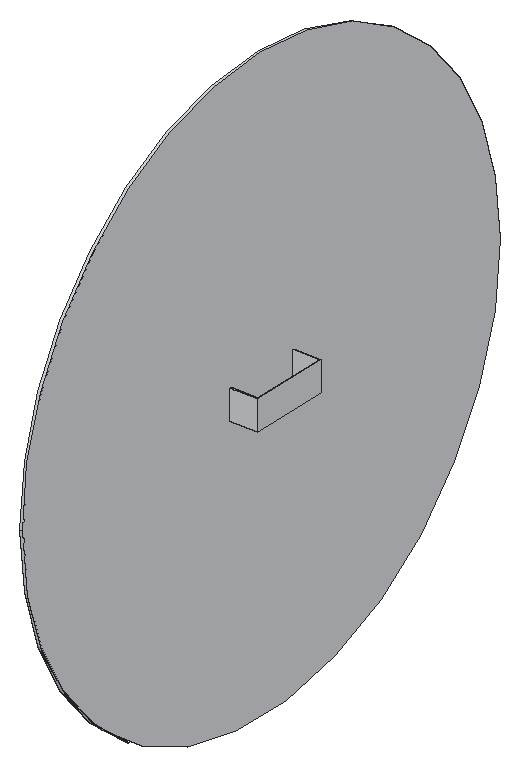
Revit family
Parameters (values of type "DW30DWACCCOV")
  WALLTHICK = 3/64"  # constant formula
  Model = "DW30DWACCCOV"
  Manufacturer = "CaptiveAire"
  HANLELENGTH = 4"  # constant formula
  HANDLEWIDTH = 1 1/2"  # constant formula
  HANDLETHICK = 3/64"  # constant formula
  HANDLEDEPTH = 1 27/64"  # constant formula
  Description = "30\" Double Access Door Cover"
  DOORRAD = (DOORDIA / 2)  # 15"
  DOORDIA = 30"
Types (10): name | Model | Description | DOORRAD | DOORDIA
  (no name) | "DW30DWACCCOV" | "30\" Double Access Door Cover" | 15" | 30"
  DW12DWACCCOV | "DW12DWACCCOV" | "12\" Double Access Door Cover" | 6" | 12"
  DW14DWACCCOV | "DW14DWACCCOV" | "14\" Double Access Door Cover" | 7" | 14"
  DW16DWACCCOV | "DW16DWACCCOV" | "16\" Double Access Door Cover" | 8" | 16"
  DW18DWACCCOV | "DW18DWACCCOV" | "18\" Double Access Door Cover" | 9" | 18"
  DW20DWACCCOV | "DW20DWACCCOV" | "20\" Double Access Door Cover" | 10" | 20"
  DW22DWACCCOV | "DW22DWACCCOV" | "22\" Double Access Door Cover" | 11" | 22"
  DW24DWACCCOV | "DW24DWACCCOV" | "24\" Double Access Door Cover" | 12" | 24"
  DW26DWACCCOV | "DW26DWACCCOV" | "26\" Double Access Door Cover" | 13" | 26"
  DW30DWACCCOV | "DW30DWACCCOV" | "30\" Double Access Door Cover" | 15" | 30"
Reference planes (in)
  plane 1 "Center (Front/Back)": y = 0
  plane 2: z = 0
  plane 3 "Center (Left/Right)": x = -6.88877
  plane 4: x = -6.8419
Forms (in)
  Extrusion 1, solid
    sketch origin (-6.88877, 0, 0) x (0, 1, 0) y (0, 0, 1)
      loop
        circle (0, 0) r 15
    from 0 to 0.125
  Extrusion 2, solid
    sketch origin (0, 0, 0) x (1, 0, 0) y (0, 1, 0)
      loop
        line (-6.76377, 2) -> (-6.76377, 1.95312) -> (-5.38877, 1.95312) -> (-5.38877, -1.95313) -> (-6.76377, -1.95313) -> (-6.76377, -2) -> (-5.3419, -2) -> (-5.3419, 2) -> (-6.76377, 2)
    from -0.75 to 0.75
Dimensions and locks (in)
  "WALLTHICK": plane 4 to plane 3 "Center (Left/Right)"
  equal spacing: Extrusion 2 sketch curve, plane 1 "Center (Front/Back)", Extrusion 2 sketch curve
  "HANLELENGTH": Extrusion 2 sketch curve to Extrusion 2 sketch curve
  "HANDLETHICK": Extrusion 2 sketch curve to Extrusion 2 sketch curve  (x3)
  "HANDLEDEPTH": Extrusion 1 to Extrusion 2 sketch curve
  "DOORRAD": radius of Extrusion 1 sketch curve
  aligned: Extrusion 1 to plane 4
  aligned and locked: Extrusion 1 to Extrusion 2 sketch curve  (x2)
Automatic sketch dimensions
  Extrusion 1 sketch curve to level = 0"
  Extrusion 1 sketch curve to plane 1 "Center (Front/Back)" = 0"
